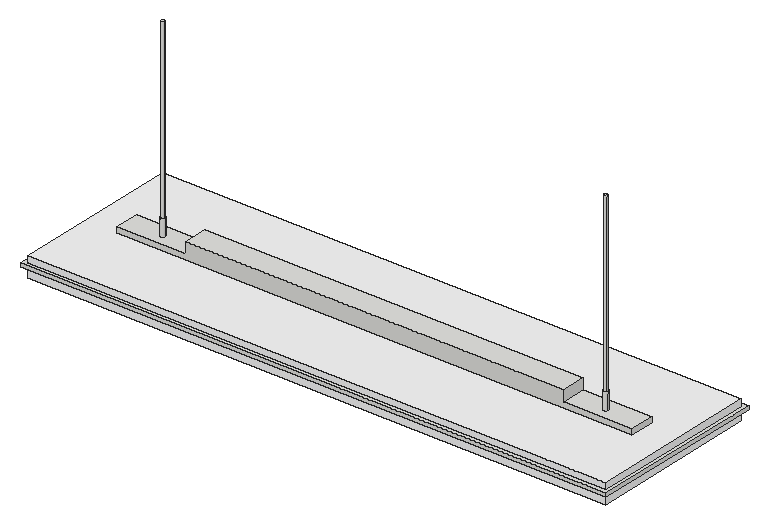
Revit family "Cirrus LED - Generic", category Lighting Fixtures, Revit 2014
Parameters (values of type "Cirrus LED")
  Wattage Comments = ""
  WarrantyGuarantorParts = "n/a"
  WarrantyDurationParts = "n/a"
  WarrantyDescription = "n/a"
  Visible [instance] = yes
  Version = "v.1.0"
  Uniclass2 = "Pr_70_70_49_43 Light-Emitting Diode (LED) Luminaires"
  Uniclass 1.4 = "JY73"
  URL = "http://riegens.com/cirrus-led"
  Type Mark = ""
  TotalWattage = "Max. 38W"
  TagNumber = "n/a"
  Switch ID [instance] = ""
  SustainabilityPerformance = "n/a"
  SupplyCircuitConductorConnections = "n/a"
  Size = "361 x 1191 x 40 mm"
  Shape = "Rectangle"
  ProductInformation = "http://riegens.com/cirrus-led"
  PhotometricPerformance = "In accordance with BS EN 13032-1"
  PhaseReference = "IEC recommendations"
  Panel [instance] = ""
  Optic = "Direct: Anti-glare micro prism optic - Linear (Lens-L), Indirect: With reflectors, soft light."
  OmniClass Title = "Luminaries for Internal Lighting"
  OmniClass Number = "23.80.70.11"
  Offset from ceiling [instance] = 400 mm
  NominalVoltage = "220-240V"
  Moves With Nearby Elements [instance] = no
  ModelReference = "Cirrus LED"
  Model = "Cirrus LED"
  Material = "Steel, extruded aluminium, reflectors in aluminium (MIRO quality) and steel, Lens optic and dust cover from PMMA."
  Mark [instance] = "1"
  ManufacturersSpecificInformation = "n/a"
  ManufacturerURL = "www.riegens.com"
  Manufacturer = "Riegens A/S"
  LuminaireType = "Suspended Direct/Indirect LED Luminaire."
  LuminairePowerFactor = ">0,9"
  LightSource = "LED 3000K / 4000K"
  LightFixturePlacingType = "Ceiling"
  LightFixtureMountingType = "Suspended"
  Light Source Symbol Size = 250 mm
  Light Source Definition (family) = "Line+HemiSpherical"
  LampType = "LED"
  LampRating = "36W"
  LampColourRenderingIndex = "Ra>80"
  Lamp = ""
  InternalFuse = "Only required in emergency versions"
  InsulationStandardClass = "Class 1"
  IfcExportType = "NOTDEFINED'"
  IfcExportAs = "IfcLightFixtureType'"
  IP_Code = "IP20"
  HasProtectiveEarth = "TRUE"
  Grade = "n/a"
  Fp = 900 mm
  Finish = "Powder coated"
  Features = "n/a"
  Emit from Line Length = 1200 mm
  Electrical Data [instance] = ""
  Documentation = "See URL hyperlink"
  DocumentReference = "See URL hyperlink"
  Description = "70-80-35 General Lighting Systems"
  ControlGearPosition = "Integrated "
  Constituents = "n/a"
  Comments [instance] = ""
  Colour = "White and matt anodized aluminium"
  built-in parameter 1114216 [instance] = (empty or 0)
  CodePerformance = "n/a"
  Circuit Number [instance] = ""
  Cassette Width = 1191 mm
  Cassette Thickness = 40 mm
  Cassette Depth = 361 mm
  built-in parameter 1140040 [instance] = (empty or 0)
  CCSTopnode = "L"
  CCSClassName = "Belysningsarmatur"
  CCSClassCode = "UAC"
  BarCode = "n/a"
  BallastsCELMAEnergyEfficiencyIndex = "Class A1/A2"
  BSAB 96 = "SNB.2"
  BIMObjectName = "Cirrus LED.rfa"
  Author = "3dbyggeri"
  AssetType = "Moveable/Fixed"
  AssetIdentifier = "n/a"
  Assembly Description = ""
  Assembly Code = ""
  ArticleNumber = "See URL hyperlink"
  Apparent Load = 240 VA
  AccessibilityPerformance = "n/a"
Reference planes
  plane 1 "Center (Front/Back)": y = 0
  plane 2: z = 0
  plane 3 "Center (Left/Right)": x = 0
Dimensions and locks
  aligned and locked: level to plane 2
Nested families
  nested 1: "Cirrus LED - Ceiling Based-Dummy" at (0, 0, 0), type "Standard"
Definition of nested family "Cirrus LED - Ceiling Based-Dummy"
  Parameters (values of type "Standard")
    Wattage = 36 W
    built-in parameter 1150110 = 1 (stored number, unit not read)
    URL = ""
    built-in parameter 1114217 = 1 (stored number, unit not read)
    Tilt Angle = 90.00°
    built-in parameter 1150109 = 1 (stored number, unit not read)
    built-in parameter 1150134 = 12
    built-in parameter 1150113 = 1 (stored number, unit not read)
    PhotometricPerformance = "In accordance with BS EN 13032-1"
    Photometric Web File = "Cirrus LED 36W DI 4000K LensL.ies"
    Optic = "Direct: Anti-glare micro prism optic - Linear (Lens-L), Indirect: With reflectors, soft light."
    Offset from ceiling = 400 mm
    Model = ""
    Material = "Steel, extruded aluminium, reflectors in aluminium (MIRO quality) and steel, Lens optic and dust cover from PMMA."
    Manufacturer = ""
    built-in parameter 1150105 = 283.61 (stored number, unit not read)
    Lumens = 3564 lm
    built-in parameter 1150115 = 1 (stored number, unit not read)
    LightSource = "LED 3000K / 4000K"
    built-in parameter 1150137 = (empty or 0)
    built-in parameter 1150139 = (empty or 0)
    LampColourRenderingIndex = "Ra>80"
    built-in parameter 1150112 = 1 (stored number, unit not read)
    built-in parameter 1150114 = 1 (stored number, unit not read)
    built-in parameter 1150132 = (empty or 0)
    built-in parameter 1150102 = (empty or 0)
    built-in parameter 1150107 = 4000 (stored number, unit not read)
    built-in parameter 1150138 = (empty or 0)
    built-in parameter 1150106 = 2.8361 (stored number, unit not read)
    Frame = Riegens_Steel_Powder coated white RAL901025
    Fp = 900 mm
    Finish = "Powder coated"
    built-in parameter 1150104 = 9.1974 (stored number, unit not read)
    Dimming Lamp Color Temperature Shift = (empty or 0)
    Description = ""
    Colour = "White and matt anodized aluminium"
    Color Filter = 16777215
    Cassette Width = 1191 mm
    Cassette Thickness = 40 mm
    Cassette Depth = 361 mm
    built-in parameter 1114218 = 1 (stored number, unit not read)
    built-in parameter 1150133 = 10 (stored number, unit not read)
    Apparent Load = 240 VA
  Reference planes
    plane 1 "Light Source Axis (F/B)": y = 0
    plane 2: z = 0
    plane 3 "Light Source Axis (L/R)": x = 0
    plane 4 "Ceiling": z = 0
    plane 5 "Light Source Elevation": z = -440
    plane 6: y = 180.5
    plane 7: y = -180.5
    plane 8: x = 595.5
    plane 9: x = -595.5
    plane 10: z = -400
    plane 11: z = -367
    plane 12: y = 25
    plane 13: y = -25
    plane 14: x = -587.5
    plane 15: y = -172.5
    plane 16: y = 172.5
    plane 17: x = 587.5
    plane 18: x = -524
    plane 19: x = -384
    plane 20: x = 524
    plane 21: x = 384
    plane 22: x = -490.694
    plane 23: x = 491.306
    plane 24: x = -419
    plane 25: x = 417
    plane 26: z = -438
    plane 27: y = 135
    plane 28: y = -135
    plane 29: x = 550
    plane 30: x = -550
  Forms (mm)
    Extrusion 1, solid, material "Riegens_Steel_Plate"
      sketch origin (0, 0, 0) x (0, 1, 0) y (-1, 0, 0)
        loop
          line (180.5, 595.5) -> (-180.5, 595.5) -> (-180.5, -595.5) -> (180.5, -595.5) -> (180.5, 595.5)
        loop
          line (-172.5, -587.5) -> (172.5, -587.5) -> (172.5, 587.5) -> (-172.5, 587.5) -> (-172.5, -587.5)
      from -420 to -412
    Extrusion 2, solid, material "Riegens_Steel_Powder coated white RAL901025" <- "Frame"
      sketch origin (0, 0, 0) x (0, 1, 0) y (-1, 0, 0)
        loop
          line (172.5, 587.5) -> (-172.5, 587.5) -> (-172.5, -587.5) -> (172.5, -587.5) -> (172.5, 587.5)
      from -440 to -400
    Extrusion 3, solid, material "Riegens_Steel_Plate"
      sketch origin (0, 0, -440) x (-1, 0, 0) y (0, -1, 0)
        loop
          line (524, -25) -> (524, 25) -> (-524, 25) -> (-524, -25) -> (524, -25)
      from 40 to 73
    Extrusion 4, void
      sketch origin (0, 0, 0) x (1, 0, 0) y (0, 0, 1)
        loop
          line (-384, -345) -> (-524, -345) -> (-524, -390) -> (-384, -390) -> (-384, -345)
        loop
          line (384, -345) -> (384, -390) -> (524, -390) -> (524, -345) -> (384, -345)
      from -25 to 25
    Extrusion 5, solid, material "Riegens_Steel_Plate"
      sketch origin (0, 0, -440) x (-1, 0, 0) y (0, -1, 0)
        loop
          circle (449.987, 0) r 5
        loop
          circle (-449.981, 0) r 5
      from 50 to 83
    Extrusion 6, solid, material "Riegens_Steel_Plate"
      sketch origin (0, 0, -440) x (-1, 0, 0) y (0, -1, 0)
        loop
          circle (449.987, 0) r 3
        loop
          circle (-449.981, 0) r 3
      from 83 to 440
    Extrusion 7, void
      sketch origin (0, 0, 0) x (0, 1, 0) y (0, 0, 1)
        loop
          line (135, -438) -> (-135, -438) -> (-135, -440) -> (135, -440) -> (135, -438)
      from -550 to 550
    Extrusion 8, solid, material "Riegens_Glass_opal"
      sketch origin (0, 0, 0) x (0, 1, 0) y (-1, 0, 0)
        loop
          line (135, 550) -> (-135, 550) -> (-135, -550) -> (135, -550) -> (135, 550)
      from -440 to -438
  Cuts and joins
    Extrusion 4 cuts Extrusion 3
    Extrusion 7 cuts Extrusion 2
  Dimensions and locks
    equal spacing: host sketch curve, plane 3 "Light Source Axis (L/R)", host sketch curve
    equal spacing: host sketch curve, plane 1 "Light Source Axis (F/B)", host sketch curve
    host sketch curve to host sketch curve = 4000 mm  (x2)
    locked: plane 4 "Ceiling" to host ceiling at 0
    equal spacing: plane 9, plane 3 "Light Source Axis (L/R)", plane 8
    "Cassette Width": plane 9 to plane 8
    equal spacing: plane 6, plane 1 "Light Source Axis (F/B)", plane 7
    "Cassette Depth": plane 6 to plane 7
    "Offset from ceiling": plane 10 to plane 4 "Ceiling"
    locked: plane 5 "Light Source Elevation" to plane 11 at 73
    locked: plane 5 "Light Source Elevation" to plane 10 at 40
    locked: plane 26 to plane 5 "Light Source Elevation" at 2
    plane 10 to Extrusion 1 to Extrusion 1 = 12 mm locked, 8 mm locked
    locked: plane 6 to plane 27 at 45.5
    aligned and locked: plane 6 to Extrusion 1 sketch curve
    aligned and locked: Extrusion 1 sketch curve to plane 9
    aligned and locked: Extrusion 1 sketch curve to plane 7
    aligned and locked: plane 8 to Extrusion 1 sketch curve
    aligned and locked: plane 16 to Extrusion 2 sketch curve
    aligned and locked: Extrusion 2 sketch curve to plane 14
    aligned and locked: Extrusion 2 sketch curve to plane 15
    aligned and locked: plane 17 to Extrusion 2 sketch curve
    aligned and locked: plane 5 "Light Source Elevation" to Extrusion 2
    aligned and locked: plane 10 to Extrusion 2
    aligned and locked: plane 12 to Extrusion 3 sketch curve
    aligned and locked: Extrusion 3 sketch curve to plane 18
    aligned and locked: Extrusion 3 sketch curve to plane 13
    aligned and locked: Extrusion 3 sketch curve to plane 20
    aligned and locked: Extrusion 3 to plane 10
    aligned and locked: plane 11 to Extrusion 3
    aligned and locked: Extrusion 4 sketch curve to plane 19
    aligned and locked: Extrusion 4 sketch curve to plane 21
    aligned and locked: plane 20 to Extrusion 4 sketch curve
    aligned and locked: plane 18 to Extrusion 4 sketch curve
    aligned and locked: Extrusion 1 sketch curve to Extrusion 2  (x4)
    aligned and locked: Extrusion 6 to plane 4 "Ceiling"
    aligned and locked: Extrusion 6 to Extrusion 5
    aligned and locked: plane 26 to Extrusion 7 sketch curve
    aligned and locked: plane 5 "Light Source Elevation" to Extrusion 7 sketch curve
    aligned and locked: plane 28 to Extrusion 7 sketch curve
    aligned and locked: Extrusion 7 sketch curve to plane 27
    aligned and locked: cut or joined group of Extrusion 2, Extrusion 7 to plane 30
    aligned and locked: cut or joined group of Extrusion 2, Extrusion 7 to plane 29
    aligned and locked: Extrusion 8 sketch curve to cut or joined group of Extrusion 2, Extrusion 7  (x4)
    aligned and locked: plane 5 "Light Source Elevation" to Extrusion 8
    aligned and locked: plane 26 to Extrusion 8
    aligned and locked: imposter light to plane 5 "Light Source Elevation"
  Automatic sketch dimensions
    plane 11 to Extrusion 4 sketch curve = 22 mm  (x2)
    plane 1 "Light Source Axis (F/B)" to Extrusion 5 sketch curve = 0 mm  (x2)
    plane 25 to Extrusion 5 sketch curve = 32.981 mm
    Extrusion 5 sketch curve to plane 24 = 30.987 mm
    plane 10 to Extrusion 4 sketch curve = 10 mm  (x2)
    plane 1 "Light Source Axis (F/B)" to Extrusion 6 sketch curve = 0 mm  (x2)
    plane 25 to Extrusion 6 sketch curve = 32.981 mm
    Extrusion 6 sketch curve to plane 24 = 30.987 mm
    Extrusion 7 sketch curve to plane 28 = 0 mm
    radius of Extrusion 5 sketch curve = 5 mm  (x2)
    radius of Extrusion 6 sketch curve = 3 mm  (x2)
  Connectors
    electrical at (449.981, 0, -390)
      settings: on Extrusion 5, index 1, voltage 0 V, apparent load 0 VA, apparent load phase1 0 VA, apparent load phase2 0 VA, apparent load phase3 0 VA, power factor 1, load classification "Other", number of poles 1, system type 31, power factor state 1, is connector primary yes, connector utility no, sub classification motor no, connector description ""
